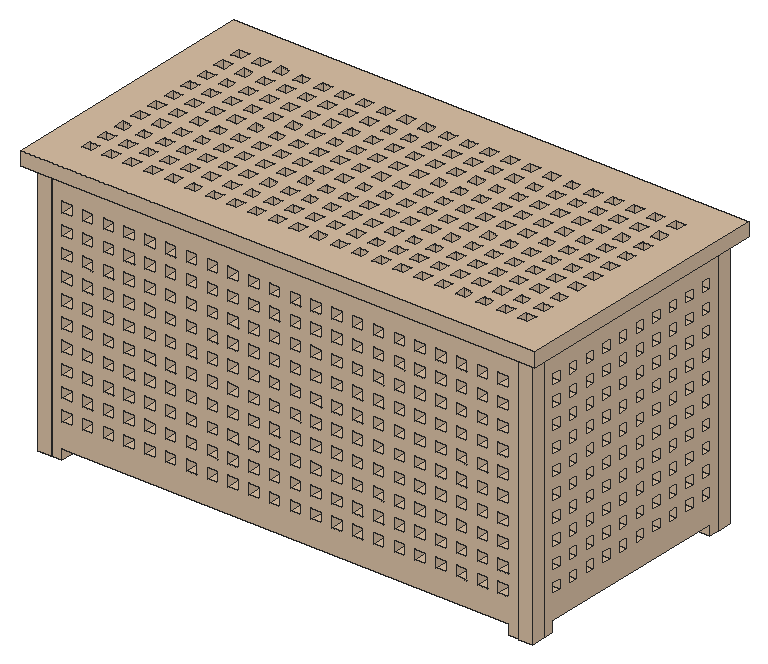
Revit family "071_Ikea_Hol_Storage_box_11242", category Мебель, Revit 2016
Family settings
  Номер OmniClass = 23.40.20.00
  Заголовок OmniClass = General Furniture and Specialties
  На основе рабочей плоскости = Нет
  Всегда вертикально = Да
  При загрузке вырезать с полостями = Нет
  Общий = Нет
  Точка расчета площади = Нет
Reference planes (in)
  plane 1 "Center Front/Back": y = 0
  plane 2: z = 0
  plane 3 "Center Left/Right": x = 0
Forms (in)
  Extrusion 1, solid, material "Wood - Iho Storage Birch"
    sketch origin (2.44877, 1.28346, 0) x (1, 0, 0) y (0, 1, 0)
      loop
        line (-20.99968, -10.88157) -> (16.17623, -10.88157) -> (16.17623, 8.34154) -> (-20.99968, 8.34154) -> (-20.99968, -10.88157)
    from 18.5 to 19.5
  Extrusion 2, void
    sketch origin (0, 0, 0) x (1, 0, 0) y (0, 1, 0)
      loop
        line (-16.125, 7.125) -> (-16.125, 6.375) -> (-15.375, 6.375) -> (-15.375, 7.125) -> (-16.125, 7.125)
    from 18.5 to 19.5
  Extrusion 3, void
    sketch origin (0, 0, 0) x (1, 0, 0) y (0, 1, 0)
      loop
        line (-16.125, 5.625) -> (-16.125, 4.875) -> (-15.375, 4.875) -> (-15.375, 5.625) -> (-16.125, 5.625)
      loop
        line (-16.125, 4.125) -> (-16.125, 3.375) -> (-15.375, 3.375) -> (-15.375, 4.125) -> (-16.125, 4.125)
      loop
        line (-16.125, 2.625) -> (-16.125, 1.875) -> (-15.375, 1.875) -> (-15.375, 2.625) -> (-16.125, 2.625)
      loop
        line (-16.125, 1.125) -> (-16.125, 0.375) -> (-15.375, 0.375) -> (-15.375, 1.125) -> (-16.125, 1.125)
      loop
        line (-16.125, -0.375) -> (-16.125, -1.125) -> (-15.375, -1.125) -> (-15.375, -0.375) -> (-16.125, -0.375)
      loop
        line (-16.125, -1.875) -> (-16.125, -2.625) -> (-15.375, -2.625) -> (-15.375, -1.875) -> (-16.125, -1.875)
      loop
        line (-16.125, -3.375) -> (-16.125, -4.125) -> (-15.375, -4.125) -> (-15.375, -3.375) -> (-16.125, -3.375)
      loop
        line (-16.125, -4.875) -> (-16.125, -5.625) -> (-15.375, -5.625) -> (-15.375, -4.875) -> (-16.125, -4.875)
      loop
        line (-16.125, -6.375) -> (-16.125, -7.125) -> (-15.375, -7.125) -> (-15.375, -6.375) -> (-16.125, -6.375)
      loop
        line (-14.625, 5.625) -> (-14.625, 4.875) -> (-13.875, 4.875) -> (-13.875, 5.625) -> (-14.625, 5.625)
      loop
        line (-14.625, 4.125) -> (-14.625, 3.375) -> (-13.875, 3.375) -> (-13.875, 4.125) -> (-14.625, 4.125)
      loop
        line (-14.625, 2.625) -> (-14.625, 1.875) -> (-13.875, 1.875) -> (-13.875, 2.625) -> (-14.625, 2.625)
      loop
        line (-14.625, 1.125) -> (-14.625, 0.375) -> (-13.875, 0.375) -> (-13.875, 1.125) -> (-14.625, 1.125)
      loop
        line (-14.625, -0.375) -> (-14.625, -1.125) -> (-13.875, -1.125) -> (-13.875, -0.375) -> (-14.625, -0.375)
      loop
        line (-14.625, -1.875) -> (-14.625, -2.625) -> (-13.875, -2.625) -> (-13.875, -1.875) -> (-14.625, -1.875)
      loop
        line (-14.625, -3.375) -> (-14.625, -4.125) -> (-13.875, -4.125) -> (-13.875, -3.375) -> (-14.625, -3.375)
      loop
        line (-14.625, -4.875) -> (-14.625, -5.625) -> (-13.875, -5.625) -> (-13.875, -4.875) -> (-14.625, -4.875)
      loop
        line (-14.625, -6.375) -> (-14.625, -7.125) -> (-13.875, -7.125) -> (-13.875, -6.375) -> (-14.625, -6.375)
      loop
        line (-13.125, 5.625) -> (-13.125, 4.875) -> (-12.375, 4.875) -> (-12.375, 5.625) -> (-13.125, 5.625)
      loop
        line (-13.125, 4.125) -> (-13.125, 3.375) -> (-12.375, 3.375) -> (-12.375, 4.125) -> (-13.125, 4.125)
      loop
        line (-13.125, 2.625) -> (-13.125, 1.875) -> (-12.375, 1.875) -> (-12.375, 2.625) -> (-13.125, 2.625)
      loop
        line (-13.125, 1.125) -> (-13.125, 0.375) -> (-12.375, 0.375) -> (-12.375, 1.125) -> (-13.125, 1.125)
      loop
        line (-13.125, -0.375) -> (-13.125, -1.125) -> (-12.375, -1.125) -> (-12.375, -0.375) -> (-13.125, -0.375)
      loop
        line (-13.125, -1.875) -> (-13.125, -2.625) -> (-12.375, -2.625) -> (-12.375, -1.875) -> (-13.125, -1.875)
      loop
        line (-13.125, -3.375) -> (-13.125, -4.125) -> (-12.375, -4.125) -> (-12.375, -3.375) -> (-13.125, -3.375)
      loop
        line (-13.125, -4.875) -> (-13.125, -5.625) -> (-12.375, -5.625) -> (-12.375, -4.875) -> (-13.125, -4.875)
      loop
        line (-13.125, -6.375) -> (-13.125, -7.125) -> (-12.375, -7.125) -> (-12.375, -6.375) -> (-13.125, -6.375)
      loop
        line (-14.625, 7.125) -> (-14.625, 6.375) -> (-13.875, 6.375) -> (-13.875, 7.125) -> (-14.625, 7.125)
      loop
        line (-13.125, 7.125) -> (-13.125, 6.375) -> (-12.375, 6.375) -> (-12.375, 7.125) -> (-13.125, 7.125)
      loop
        line (-11.625, 5.625) -> (-11.625, 4.875) -> (-10.875, 4.875) -> (-10.875, 5.625) -> (-11.625, 5.625)
      loop
        line (-11.625, 4.125) -> (-11.625, 3.375) -> (-10.875, 3.375) -> (-10.875, 4.125) -> (-11.625, 4.125)
      loop
        line (-11.625, 2.625) -> (-11.625, 1.875) -> (-10.875, 1.875) -> (-10.875, 2.625) -> (-11.625, 2.625)
      loop
        line (-11.625, 1.125) -> (-11.625, 0.375) -> (-10.875, 0.375) -> (-10.875, 1.125) -> (-11.625, 1.125)
      loop
        line (-11.625, -0.375) -> (-11.625, -1.125) -> (-10.875, -1.125) -> (-10.875, -0.375) -> (-11.625, -0.375)
      loop
        line (-11.625, -1.875) -> (-11.625, -2.625) -> (-10.875, -2.625) -> (-10.875, -1.875) -> (-11.625, -1.875)
      loop
        line (-11.625, -3.375) -> (-11.625, -4.125) -> (-10.875, -4.125) -> (-10.875, -3.375) -> (-11.625, -3.375)
      loop
        line (-11.625, -4.875) -> (-11.625, -5.625) -> (-10.875, -5.625) -> (-10.875, -4.875) -> (-11.625, -4.875)
      loop
        line (-11.625, -6.375) -> (-11.625, -7.125) -> (-10.875, -7.125) -> (-10.875, -6.375) -> (-11.625, -6.375)
      loop
        line (-10.125, 5.625) -> (-10.125, 4.875) -> (-9.375, 4.875) -> (-9.375, 5.625) -> (-10.125, 5.625)
      loop
        line (-10.125, 4.125) -> (-10.125, 3.375) -> (-9.375, 3.375) -> (-9.375, 4.125) -> (-10.125, 4.125)
      loop
        line (-10.125, 2.625) -> (-10.125, 1.875) -> (-9.375, 1.875) -> (-9.375, 2.625) -> (-10.125, 2.625)
      loop
        line (-10.125, 1.125) -> (-10.125, 0.375) -> (-9.375, 0.375) -> (-9.375, 1.125) -> (-10.125, 1.125)
      loop
        line (-10.125, -0.375) -> (-10.125, -1.125) -> (-9.375, -1.125) -> (-9.375, -0.375) -> (-10.125, -0.375)
      loop
        line (-10.125, -1.875) -> (-10.125, -2.625) -> (-9.375, -2.625) -> (-9.375, -1.875) -> (-10.125, -1.875)
      loop
        line (-10.125, -3.375) -> (-10.125, -4.125) -> (-9.375, -4.125) -> (-9.375, -3.375) -> (-10.125, -3.375)
      loop
        line (-10.125, -4.875) -> (-10.125, -5.625) -> (-9.375, -5.625) -> (-9.375, -4.875) -> (-10.125, -4.875)
      loop
        line (-10.125, -6.375) -> (-10.125, -7.125) -> (-9.375, -7.125) -> (-9.375, -6.375) -> (-10.125, -6.375)
      loop
        line (-11.625, 7.125) -> (-11.625, 6.375) -> (-10.875, 6.375) -> (-10.875, 7.125) -> (-11.625, 7.125)
      loop
        line (-10.125, 7.125) -> (-10.125, 6.375) -> (-9.375, 6.375) -> (-9.375, 7.125) -> (-10.125, 7.125)
      loop
        line (-8.625, 5.625) -> (-8.625, 4.875) -> (-7.875, 4.875) -> (-7.875, 5.625) -> (-8.625, 5.625)
      loop
        line (-8.625, 4.125) -> (-8.625, 3.375) -> (-7.875, 3.375) -> (-7.875, 4.125) -> (-8.625, 4.125)
      loop
        line (-8.625, 2.625) -> (-8.625, 1.875) -> (-7.875, 1.875) -> (-7.875, 2.625) -> (-8.625, 2.625)
      loop
        line (-8.625, 1.125) -> (-8.625, 0.375) -> (-7.875, 0.375) -> (-7.875, 1.125) -> (-8.625, 1.125)
      loop
        line (-8.625, -0.375) -> (-8.625, -1.125) -> (-7.875, -1.125) -> (-7.875, -0.375) -> (-8.625, -0.375)
      loop
        line (-8.625, -1.875) -> (-8.625, -2.625) -> (-7.875, -2.625) -> (-7.875, -1.875) -> (-8.625, -1.875)
      loop
        line (-8.625, -3.375) -> (-8.625, -4.125) -> (-7.875, -4.125) -> (-7.875, -3.375) -> (-8.625, -3.375)
      loop
        line (-8.625, -4.875) -> (-8.625, -5.625) -> (-7.875, -5.625) -> (-7.875, -4.875) -> (-8.625, -4.875)
      loop
        line (-8.625, -6.375) -> (-8.625, -7.125) -> (-7.875, -7.125) -> (-7.875, -6.375) -> (-8.625, -6.375)
      loop
        line (-7.125, 5.625) -> (-7.125, 4.875) -> (-6.375, 4.875) -> (-6.375, 5.625) -> (-7.125, 5.625)
      loop
        line (-7.125, 4.125) -> (-7.125, 3.375) -> (-6.375, 3.375) -> (-6.375, 4.125) -> (-7.125, 4.125)
      loop
        line (-7.125, 2.625) -> (-7.125, 1.875) -> (-6.375, 1.875) -> (-6.375, 2.625) -> (-7.125, 2.625)
      loop
        line (-7.125, 1.125) -> (-7.125, 0.375) -> (-6.375, 0.375) -> (-6.375, 1.125) -> (-7.125, 1.125)
      loop
        line (-7.125, -0.375) -> (-7.125, -1.125) -> (-6.375, -1.125) -> (-6.375, -0.375) -> (-7.125, -0.375)
      loop
        line (-7.125, -1.875) -> (-7.125, -2.625) -> (-6.375, -2.625) -> (-6.375, -1.875) -> (-7.125, -1.875)
      loop
        line (-7.125, -3.375) -> (-7.125, -4.125) -> (-6.375, -4.125) -> (-6.375, -3.375) -> (-7.125, -3.375)
      loop
        line (-7.125, -4.875) -> (-7.125, -5.625) -> (-6.375, -5.625) -> (-6.375, -4.875) -> (-7.125, -4.875)
      loop
        line (-7.125, -6.375) -> (-7.125, -7.125) -> (-6.375, -7.125) -> (-6.375, -6.375) -> (-7.125, -6.375)
      loop
        line (-8.625, 7.125) -> (-8.625, 6.375) -> (-7.875, 6.375) -> (-7.875, 7.125) -> (-8.625, 7.125)
      loop
        line (-7.125, 7.125) -> (-7.125, 6.375) -> (-6.375, 6.375) -> (-6.375, 7.125) -> (-7.125, 7.125)
      loop
        line (-5.625, 5.625) -> (-5.625, 4.875) -> (-4.875, 4.875) -> (-4.875, 5.625) -> (-5.625, 5.625)
      loop
        line (-5.625, 4.125) -> (-5.625, 3.375) -> (-4.875, 3.375) -> (-4.875, 4.125) -> (-5.625, 4.125)
      loop
        line (-5.625, 2.625) -> (-5.625, 1.875) -> (-4.875, 1.875) -> (-4.875, 2.625) -> (-5.625, 2.625)
      loop
        line (-5.625, 1.125) -> (-5.625, 0.375) -> (-4.875, 0.375) -> (-4.875, 1.125) -> (-5.625, 1.125)
      loop
        line (-5.625, -0.375) -> (-5.625, -1.125) -> (-4.875, -1.125) -> (-4.875, -0.375) -> (-5.625, -0.375)
      loop
        line (-5.625, -1.875) -> (-5.625, -2.625) -> (-4.875, -2.625) -> (-4.875, -1.875) -> (-5.625, -1.875)
      loop
        line (-5.625, -3.375) -> (-5.625, -4.125) -> (-4.875, -4.125) -> (-4.875, -3.375) -> (-5.625, -3.375)
      loop
        line (-5.625, -4.875) -> (-5.625, -5.625) -> (-4.875, -5.625) -> (-4.875, -4.875) -> (-5.625, -4.875)
      loop
        line (-5.625, -6.375) -> (-5.625, -7.125) -> (-4.875, -7.125) -> (-4.875, -6.375) -> (-5.625, -6.375)
      loop
        line (-4.125, 5.625) -> (-4.125, 4.875) -> (-3.375, 4.875) -> (-3.375, 5.625) -> (-4.125, 5.625)
      loop
        line (-4.125, 4.125) -> (-4.125, 3.375) -> (-3.375, 3.375) -> (-3.375, 4.125) -> (-4.125, 4.125)
      loop
        line (-4.125, 2.625) -> (-4.125, 1.875) -> (-3.375, 1.875) -> (-3.375, 2.625) -> (-4.125, 2.625)
      loop
        line (-4.125, 1.125) -> (-4.125, 0.375) -> (-3.375, 0.375) -> (-3.375, 1.125) -> (-4.125, 1.125)
      loop
        line (-4.125, -0.375) -> (-4.125, -1.125) -> (-3.375, -1.125) -> (-3.375, -0.375) -> (-4.125, -0.375)
      loop
        line (-4.125, -1.875) -> (-4.125, -2.625) -> (-3.375, -2.625) -> (-3.375, -1.875) -> (-4.125, -1.875)
      loop
        line (-4.125, -3.375) -> (-4.125, -4.125) -> (-3.375, -4.125) -> (-3.375, -3.375) -> (-4.125, -3.375)
      loop
        line (-4.125, -4.875) -> (-4.125, -5.625) -> (-3.375, -5.625) -> (-3.375, -4.875) -> (-4.125, -4.875)
      loop
        line (-4.125, -6.375) -> (-4.125, -7.125) -> (-3.375, -7.125) -> (-3.375, -6.375) -> (-4.125, -6.375)
      loop
        line (-5.625, 7.125) -> (-5.625, 6.375) -> (-4.875, 6.375) -> (-4.875, 7.125) -> (-5.625, 7.125)
      loop
        line (-4.125, 7.125) -> (-4.125, 6.375) -> (-3.375, 6.375) -> (-3.375, 7.125) -> (-4.125, 7.125)
      loop
        line (-2.625, 5.625) -> (-2.625, 4.875) -> (-1.875, 4.875) -> (-1.875, 5.625) -> (-2.625, 5.625)
      loop
        line (-2.625, 4.125) -> (-2.625, 3.375) -> (-1.875, 3.375) -> (-1.875, 4.125) -> (-2.625, 4.125)
      loop
        line (-2.625, 2.625) -> (-2.625, 1.875) -> (-1.875, 1.875) -> (-1.875, 2.625) -> (-2.625, 2.625)
      loop
        line (-2.625, 1.125) -> (-2.625, 0.375) -> (-1.875, 0.375) -> (-1.875, 1.125) -> (-2.625, 1.125)
      loop
        line (-2.625, -0.375) -> (-2.625, -1.125) -> (-1.875, -1.125) -> (-1.875, -0.375) -> (-2.625, -0.375)
      loop
        line (-2.625, -1.875) -> (-2.625, -2.625) -> (-1.875, -2.625) -> (-1.875, -1.875) -> (-2.625, -1.875)
      loop
        line (-2.625, -3.375) -> (-2.625, -4.125) -> (-1.875, -4.125) -> (-1.875, -3.375) -> (-2.625, -3.375)
      loop
        line (-2.625, -4.875) -> (-2.625, -5.625) -> (-1.875, -5.625) -> (-1.875, -4.875) -> (-2.625, -4.875)
      loop
        line (-2.625, -6.375) -> (-2.625, -7.125) -> (-1.875, -7.125) -> (-1.875, -6.375) -> (-2.625, -6.375)
      loop
        line (-1.125, 5.625) -> (-1.125, 4.875) -> (-0.375, 4.875) -> (-0.375, 5.625) -> (-1.125, 5.625)
      loop
        line (-1.125, 4.125) -> (-1.125, 3.375) -> (-0.375, 3.375) -> (-0.375, 4.125) -> (-1.125, 4.125)
      loop
        line (-1.125, 2.625) -> (-1.125, 1.875) -> (-0.375, 1.875) -> (-0.375, 2.625) -> (-1.125, 2.625)
      loop
        line (-1.125, 1.125) -> (-1.125, 0.375) -> (-0.375, 0.375) -> (-0.375, 1.125) -> (-1.125, 1.125)
      loop
        line (-1.125, -0.375) -> (-1.125, -1.125) -> (-0.375, -1.125) -> (-0.375, -0.375) -> (-1.125, -0.375)
      loop
        line (-1.125, -1.875) -> (-1.125, -2.625) -> (-0.375, -2.625) -> (-0.375, -1.875) -> (-1.125, -1.875)
      loop
        line (-1.125, -3.375) -> (-1.125, -4.125) -> (-0.375, -4.125) -> (-0.375, -3.375) -> (-1.125, -3.375)
      loop
        line (-1.125, -4.875) -> (-1.125, -5.625) -> (-0.375, -5.625) -> (-0.375, -4.875) -> (-1.125, -4.875)
      loop
        line (-1.125, -6.375) -> (-1.125, -7.125) -> (-0.375, -7.125) -> (-0.375, -6.375) -> (-1.125, -6.375)
      loop
        line (-2.625, 7.125) -> (-2.625, 6.375) -> (-1.875, 6.375) -> (-1.875, 7.125) -> (-2.625, 7.125)
      loop
        line (-1.125, 7.125) -> (-1.125, 6.375) -> (-0.375, 6.375) -> (-0.375, 7.125) -> (-1.125, 7.125)
      loop
        line (0.375, 5.625) -> (0.375, 4.875) -> (1.125, 4.875) -> (1.125, 5.625) -> (0.375, 5.625)
      loop
        line (0.375, 4.125) -> (0.375, 3.375) -> (1.125, 3.375) -> (1.125, 4.125) -> (0.375, 4.125)
      loop
        line (0.375, 2.625) -> (0.375, 1.875) -> (1.125, 1.875) -> (1.125, 2.625) -> (0.375, 2.625)
      loop
        line (0.375, 1.125) -> (0.375, 0.375) -> (1.125, 0.375) -> (1.125, 1.125) -> (0.375, 1.125)
      loop
        line (0.375, -0.375) -> (0.375, -1.125) -> (1.125, -1.125) -> (1.125, -0.375) -> (0.375, -0.375)
      loop
        line (0.375, -1.875) -> (0.375, -2.625) -> (1.125, -2.625) -> (1.125, -1.875) -> (0.375, -1.875)
      loop
        line (0.375, -3.375) -> (0.375, -4.125) -> (1.125, -4.125) -> (1.125, -3.375) -> (0.375, -3.375)
      loop
        line (0.375, -4.875) -> (0.375, -5.625) -> (1.125, -5.625) -> (1.125, -4.875) -> (0.375, -4.875)
      loop
        line (0.375, -6.375) -> (0.375, -7.125) -> (1.125, -7.125) -> (1.125, -6.375) -> (0.375, -6.375)
      loop
        line (1.875, 5.625) -> (1.875, 4.875) -> (2.625, 4.875) -> (2.625, 5.625) -> (1.875, 5.625)
      loop
        line (1.875, 4.125) -> (1.875, 3.375) -> (2.625, 3.375) -> (2.625, 4.125) -> (1.875, 4.125)
      loop
        line (1.875, 2.625) -> (1.875, 1.875) -> (2.625, 1.875) -> (2.625, 2.625) -> (1.875, 2.625)
      loop
        line (1.875, 1.125) -> (1.875, 0.375) -> (2.625, 0.375) -> (2.625, 1.125) -> (1.875, 1.125)
      loop
        line (1.875, -0.375) -> (1.875, -1.125) -> (2.625, -1.125) -> (2.625, -0.375) -> (1.875, -0.375)
      loop
        line (1.875, -1.875) -> (1.875, -2.625) -> (2.625, -2.625) -> (2.625, -1.875) -> (1.875, -1.875)
      loop
        line (1.875, -3.375) -> (1.875, -4.125) -> (2.625, -4.125) -> (2.625, -3.375) -> (1.875, -3.375)
      loop
        line (1.875, -4.875) -> (1.875, -5.625) -> (2.625, -5.625) -> (2.625, -4.875) -> (1.875, -4.875)
      loop
        line (1.875, -6.375) -> (1.875, -7.125) -> (2.625, -7.125) -> (2.625, -6.375) -> (1.875, -6.375)
      loop
        line (0.375, 7.125) -> (0.375, 6.375) -> (1.125, 6.375) -> (1.125, 7.125) -> (0.375, 7.125)
      loop
        line (1.875, 7.125) -> (1.875, 6.375) -> (2.625, 6.375) -> (2.625, 7.125) -> (1.875, 7.125)
      loop
        line (3.375, 5.625) -> (3.375, 4.875) -> (4.125, 4.875) -> (4.125, 5.625) -> (3.375, 5.625)
      loop
        line (3.375, 4.125) -> (3.375, 3.375) -> (4.125, 3.375) -> (4.125, 4.125) -> (3.375, 4.125)
      loop
        line (3.375, 2.625) -> (3.375, 1.875) -> (4.125, 1.875) -> (4.125, 2.625) -> (3.375, 2.625)
      loop
        line (3.375, 1.125) -> (3.375, 0.375) -> (4.125, 0.375) -> (4.125, 1.125) -> (3.375, 1.125)
      loop
        line (3.375, -0.375) -> (3.375, -1.125) -> (4.125, -1.125) -> (4.125, -0.375) -> (3.375, -0.375)
      loop
        line (3.375, -1.875) -> (3.375, -2.625) -> (4.125, -2.625) -> (4.125, -1.875) -> (3.375, -1.875)
      loop
        line (3.375, -3.375) -> (3.375, -4.125) -> (4.125, -4.125) -> (4.125, -3.375) -> (3.375, -3.375)
      loop
        line (3.375, -4.875) -> (3.375, -5.625) -> (4.125, -5.625) -> (4.125, -4.875) -> (3.375, -4.875)
      loop
        line (3.375, -6.375) -> (3.375, -7.125) -> (4.125, -7.125) -> (4.125, -6.375) -> (3.375, -6.375)
      loop
        line (4.875, 5.625) -> (4.875, 4.875) -> (5.625, 4.875) -> (5.625, 5.625) -> (4.875, 5.625)
      loop
        line (4.875, 4.125) -> (4.875, 3.375) -> (5.625, 3.375) -> (5.625, 4.125) -> (4.875, 4.125)
      loop
        line (4.875, 2.625) -> (4.875, 1.875) -> (5.625, 1.875) -> (5.625, 2.625) -> (4.875, 2.625)
      loop
        line (4.875, 1.125) -> (4.875, 0.375) -> (5.625, 0.375) -> (5.625, 1.125) -> (4.875, 1.125)
      loop
        line (4.875, -0.375) -> (4.875, -1.125) -> (5.625, -1.125) -> (5.625, -0.375) -> (4.875, -0.375)
      loop
        line (4.875, -1.875) -> (4.875, -2.625) -> (5.625, -2.625) -> (5.625, -1.875) -> (4.875, -1.875)
      loop
        line (4.875, -3.375) -> (4.875, -4.125) -> (5.625, -4.125) -> (5.625, -3.375) -> (4.875, -3.375)
      loop
        line (4.875, -4.875) -> (4.875, -5.625) -> (5.625, -5.625) -> (5.625, -4.875) -> (4.875, -4.875)
      loop
        line (4.875, -6.375) -> (4.875, -7.125) -> (5.625, -7.125) -> (5.625, -6.375) -> (4.875, -6.375)
      loop
        line (3.375, 7.125) -> (3.375, 6.375) -> (4.125, 6.375) -> (4.125, 7.125) -> (3.375, 7.125)
      loop
        line (4.875, 7.125) -> (4.875, 6.375) -> (5.625, 6.375) -> (5.625, 7.125) -> (4.875, 7.125)
      loop
        line (6.375, 5.625) -> (6.375, 4.875) -> (7.125, 4.875) -> (7.125, 5.625) -> (6.375, 5.625)
      loop
        line (6.375, 4.125) -> (6.375, 3.375) -> (7.125, 3.375) -> (7.125, 4.125) -> (6.375, 4.125)
      loop
        line (6.375, 2.625) -> (6.375, 1.875) -> (7.125, 1.875) -> (7.125, 2.625) -> (6.375, 2.625)
      loop
        line (6.375, 1.125) -> (6.375, 0.375) -> (7.125, 0.375) -> (7.125, 1.125) -> (6.375, 1.125)
      loop
        line (6.375, -0.375) -> (6.375, -1.125) -> (7.125, -1.125) -> (7.125, -0.375) -> (6.375, -0.375)
      loop
        line (6.375, -1.875) -> (6.375, -2.625) -> (7.125, -2.625) -> (7.125, -1.875) -> (6.375, -1.875)
      loop
        line (6.375, -3.375) -> (6.375, -4.125) -> (7.125, -4.125) -> (7.125, -3.375) -> (6.375, -3.375)
      loop
        line (6.375, -4.875) -> (6.375, -5.625) -> (7.125, -5.625) -> (7.125, -4.875) -> (6.375, -4.875)
      loop
        line (6.375, -6.375) -> (6.375, -7.125) -> (7.125, -7.125) -> (7.125, -6.375) -> (6.375, -6.375)
      loop
        line (7.875, 5.625) -> (7.875, 4.875) -> (8.625, 4.875) -> (8.625, 5.625) -> (7.875, 5.625)
      loop
        line (7.875, 4.125) -> (7.875, 3.375) -> (8.625, 3.375) -> (8.625, 4.125) -> (7.875, 4.125)
      loop
        line (7.875, 2.625) -> (7.875, 1.875) -> (8.625, 1.875) -> (8.625, 2.625) -> (7.875, 2.625)
      loop
        line (7.875, 1.125) -> (7.875, 0.375) -> (8.625, 0.375) -> (8.625, 1.125) -> (7.875, 1.125)
      loop
        line (7.875, -0.375) -> (7.875, -1.125) -> (8.625, -1.125) -> (8.625, -0.375) -> (7.875, -0.375)
      loop
        line (7.875, -1.875) -> (7.875, -2.625) -> (8.625, -2.625) -> (8.625, -1.875) -> (7.875, -1.875)
      loop
        line (7.875, -3.375) -> (7.875, -4.125) -> (8.625, -4.125) -> (8.625, -3.375) -> (7.875, -3.375)
      loop
        line (7.875, -4.875) -> (7.875, -5.625) -> (8.625, -5.625) -> (8.625, -4.875) -> (7.875, -4.875)
      loop
        line (7.875, -6.375) -> (7.875, -7.125) -> (8.625, -7.125) -> (8.625, -6.375) -> (7.875, -6.375)
      loop
        line (6.375, 7.125) -> (6.375, 6.375) -> (7.125, 6.375) -> (7.125, 7.125) -> (6.375, 7.125)
      loop
        line (7.875, 7.125) -> (7.875, 6.375) -> (8.625, 6.375) -> (8.625, 7.125) -> (7.875, 7.125)
      loop
        line (9.375, 5.625) -> (9.375, 4.875) -> (10.125, 4.875) -> (10.125, 5.625) -> (9.375, 5.625)
      loop
        line (9.375, 4.125) -> (9.375, 3.375) -> (10.125, 3.375) -> (10.125, 4.125) -> (9.375, 4.125)
      loop
        line (9.375, 2.625) -> (9.375, 1.875) -> (10.125, 1.875) -> (10.125, 2.625) -> (9.375, 2.625)
      loop
        line (9.375, 1.125) -> (9.375, 0.375) -> (10.125, 0.375) -> (10.125, 1.125) -> (9.375, 1.125)
      loop
        line (9.375, -0.375) -> (9.375, -1.125) -> (10.125, -1.125) -> (10.125, -0.375) -> (9.375, -0.375)
      loop
        line (9.375, -1.875) -> (9.375, -2.625) -> (10.125, -2.625) -> (10.125, -1.875) -> (9.375, -1.875)
      loop
        line (9.375, -3.375) -> (9.375, -4.125) -> (10.125, -4.125) -> (10.125, -3.375) -> (9.375, -3.375)
      loop
        line (9.375, -4.875) -> (9.375, -5.625) -> (10.125, -5.625) -> (10.125, -4.875) -> (9.375, -4.875)
      loop
        line (9.375, -6.375) -> (9.375, -7.125) -> (10.125, -7.125) -> (10.125, -6.375) -> (9.375, -6.375)
      loop
        line (10.875, 5.625) -> (10.875, 4.875) -> (11.625, 4.875) -> (11.625, 5.625) -> (10.875, 5.625)
      loop
        line (10.875, 4.125) -> (10.875, 3.375) -> (11.625, 3.375) -> (11.625, 4.125) -> (10.875, 4.125)
      loop
        line (10.875, 2.625) -> (10.875, 1.875) -> (11.625, 1.875) -> (11.625, 2.625) -> (10.875, 2.625)
      loop
        line (10.875, 1.125) -> (10.875, 0.375) -> (11.625, 0.375) -> (11.625, 1.125) -> (10.875, 1.125)
      loop
        line (10.875, -0.375) -> (10.875, -1.125) -> (11.625, -1.125) -> (11.625, -0.375) -> (10.875, -0.375)
      loop
        line (10.875, -1.875) -> (10.875, -2.625) -> (11.625, -2.625) -> (11.625, -1.875) -> (10.875, -1.875)
      loop
        line (10.875, -3.375) -> (10.875, -4.125) -> (11.625, -4.125) -> (11.625, -3.375) -> (10.875, -3.375)
      loop
        line (10.875, -4.875) -> (10.875, -5.625) -> (11.625, -5.625) -> (11.625, -4.875) -> (10.875, -4.875)
      loop
        line (10.875, -6.375) -> (10.875, -7.125) -> (11.625, -7.125) -> (11.625, -6.375) -> (10.875, -6.375)
      loop
        line (9.375, 7.125) -> (9.375, 6.375) -> (10.125, 6.375) -> (10.125, 7.125) -> (9.375, 7.125)
      loop
        line (10.875, 7.125) -> (10.875, 6.375) -> (11.625, 6.375) -> (11.625, 7.125) -> (10.875, 7.125)
      loop
        line (12.375, 5.625) -> (12.375, 4.875) -> (13.125, 4.875) -> (13.125, 5.625) -> (12.375, 5.625)
      loop
        line (12.375, 4.125) -> (12.375, 3.375) -> (13.125, 3.375) -> (13.125, 4.125) -> (12.375, 4.125)
      loop
        line (12.375, 2.625) -> (12.375, 1.875) -> (13.125, 1.875) -> (13.125, 2.625) -> (12.375, 2.625)
      loop
        line (12.375, 1.125) -> (12.375, 0.375) -> (13.125, 0.375) -> (13.125, 1.125) -> (12.375, 1.125)
      loop
        line (12.375, -0.375) -> (12.375, -1.125) -> (13.125, -1.125) -> (13.125, -0.375) -> (12.375, -0.375)
      loop
        line (12.375, -1.875) -> (12.375, -2.625) -> (13.125, -2.625) -> (13.125, -1.875) -> (12.375, -1.875)
      loop
        line (12.375, -3.375) -> (12.375, -4.125) -> (13.125, -4.125) -> (13.125, -3.375) -> (12.375, -3.375)
      loop
        line (12.375, -4.875) -> (12.375, -5.625) -> (13.125, -5.625) -> (13.125, -4.875) -> (12.375, -4.875)
      loop
        line (12.375, -6.375) -> (12.375, -7.125) -> (13.125, -7.125) -> (13.125, -6.375) -> (12.375, -6.375)
      loop
        line (13.875, 5.625) -> (13.875, 4.875) -> (14.625, 4.875) -> (14.625, 5.625) -> (13.875, 5.625)
      loop
        line (13.875, 4.125) -> (13.875, 3.375) -> (14.625, 3.375) -> (14.625, 4.125) -> (13.875, 4.125)
      loop
        line (13.875, 2.625) -> (13.875, 1.875) -> (14.625, 1.875) -> (14.625, 2.625) -> (13.875, 2.625)
      loop
        line (13.875, 1.125) -> (13.875, 0.375) -> (14.625, 0.375) -> (14.625, 1.125) -> (13.875, 1.125)
      loop
        line (13.875, -0.375) -> (13.875, -1.125) -> (14.625, -1.125) -> (14.625, -0.375) -> (13.875, -0.375)
      loop
        line (13.875, -1.875) -> (13.875, -2.625) -> (14.625, -2.625) -> (14.625, -1.875) -> (13.875, -1.875)
      loop
        line (13.875, -3.375) -> (13.875, -4.125) -> (14.625, -4.125) -> (14.625, -3.375) -> (13.875, -3.375)
      loop
        line (13.875, -4.875) -> (13.875, -5.625) -> (14.625, -5.625) -> (14.625, -4.875) -> (13.875, -4.875)
      loop
        line (13.875, -6.375) -> (13.875, -7.125) -> (14.625, -7.125) -> (14.625, -6.375) -> (13.875, -6.375)
      loop
        line (12.375, 7.125) -> (12.375, 6.375) -> (13.125, 6.375) -> (13.125, 7.125) -> (12.375, 7.125)
      loop
        line (13.875, 7.125) -> (13.875, 6.375) -> (14.625, 6.375) -> (14.625, 7.125) -> (13.875, 7.125)
      loop
        line (15.375, 5.625) -> (15.375, 4.875) -> (16.125, 4.875) -> (16.125, 5.625) -> (15.375, 5.625)
      loop
        line (15.375, 4.125) -> (15.375, 3.375) -> (16.125, 3.375) -> (16.125, 4.125) -> (15.375, 4.125)
      loop
        line (15.375, 2.625) -> (15.375, 1.875) -> (16.125, 1.875) -> (16.125, 2.625) -> (15.375, 2.625)
      loop
        line (15.375, 1.125) -> (15.375, 0.375) -> (16.125, 0.375) -> (16.125, 1.125) -> (15.375, 1.125)
      loop
        line (15.375, -0.375) -> (15.375, -1.125) -> (16.125, -1.125) -> (16.125, -0.375) -> (15.375, -0.375)
      loop
        line (15.375, -1.875) -> (15.375, -2.625) -> (16.125, -2.625) -> (16.125, -1.875) -> (15.375, -1.875)
      loop
        line (15.375, -3.375) -> (15.375, -4.125) -> (16.125, -4.125) -> (16.125, -3.375) -> (15.375, -3.375)
      loop
        line (15.375, -4.875) -> (15.375, -5.625) -> (16.125, -5.625) -> (16.125, -4.875) -> (15.375, -4.875)
      loop
        line (15.375, -6.375) -> (15.375, -7.125) -> (16.125, -7.125) -> (16.125, -6.375) -> (15.375, -6.375)
      loop
        line (15.375, 7.125) -> (15.375, 6.375) -> (16.125, 6.375) -> (16.125, 7.125) -> (15.375, 7.125)
    from 18.5 to 19.5
  Extrusion 4, solid, material "Wood - Iho Storage Birch"
    sketch origin (0, 24.875, 0) x (0, 1, 0) y (0, 0, 1)
      loop
        line (-16, 0) -> (-16, 18.5) -> (-33.75, 18.5) -> (-33.75, 0) -> (-16, 0)
    from 16.875 to 17.875
  Extrusion 5, void
    sketch origin (0, 24.875, 0) x (0, 1, 0) y (0, 0, 1)
      loop
        line (-17.75, 16.75) -> (-18.5, 16.75) -> (-18.5, 16) -> (-17.75, 16) -> (-17.75, 16.75)
      loop
        line (-17.75, 15.25) -> (-18.5, 15.25) -> (-18.5, 14.5) -> (-17.75, 14.5) -> (-17.75, 15.25)
      loop
        line (-17.75, 13.75) -> (-18.5, 13.75) -> (-18.5, 13) -> (-17.75, 13) -> (-17.75, 13.75)
      loop
        line (-17.75, 12.25) -> (-18.5, 12.25) -> (-18.5, 11.5) -> (-17.75, 11.5) -> (-17.75, 12.25)
      loop
        line (-17.75, 10.75) -> (-18.5, 10.75) -> (-18.5, 10) -> (-17.75, 10) -> (-17.75, 10.75)
      loop
        line (-17.75, 9.25) -> (-18.5, 9.25) -> (-18.5, 8.5) -> (-17.75, 8.5) -> (-17.75, 9.25)
      loop
        line (-17.75, 7.75) -> (-18.5, 7.75) -> (-18.5, 7) -> (-17.75, 7) -> (-17.75, 7.75)
      loop
        line (-17.75, 6.25) -> (-18.5, 6.25) -> (-18.5, 5.5) -> (-17.75, 5.5) -> (-17.75, 6.25)
      loop
        line (-17.75, 4.75) -> (-18.5, 4.75) -> (-18.5, 4) -> (-17.75, 4) -> (-17.75, 4.75)
      loop
        line (-17.75, 3.25) -> (-18.5, 3.25) -> (-18.5, 2.5) -> (-17.75, 2.5) -> (-17.75, 3.25)
      loop
        line (-19.25, 16.75) -> (-20, 16.75) -> (-20, 16) -> (-19.25, 16) -> (-19.25, 16.75)
      loop
        line (-19.25, 15.25) -> (-20, 15.25) -> (-20, 14.5) -> (-19.25, 14.5) -> (-19.25, 15.25)
      loop
        line (-19.25, 13.75) -> (-20, 13.75) -> (-20, 13) -> (-19.25, 13) -> (-19.25, 13.75)
      loop
        line (-19.25, 12.25) -> (-20, 12.25) -> (-20, 11.5) -> (-19.25, 11.5) -> (-19.25, 12.25)
      loop
        line (-19.25, 10.75) -> (-20, 10.75) -> (-20, 10) -> (-19.25, 10) -> (-19.25, 10.75)
      loop
        line (-19.25, 9.25) -> (-20, 9.25) -> (-20, 8.5) -> (-19.25, 8.5) -> (-19.25, 9.25)
      loop
        line (-19.25, 7.75) -> (-20, 7.75) -> (-20, 7) -> (-19.25, 7) -> (-19.25, 7.75)
      loop
        line (-19.25, 6.25) -> (-20, 6.25) -> (-20, 5.5) -> (-19.25, 5.5) -> (-19.25, 6.25)
      loop
        line (-19.25, 4.75) -> (-20, 4.75) -> (-20, 4) -> (-19.25, 4) -> (-19.25, 4.75)
      loop
        line (-19.25, 3.25) -> (-20, 3.25) -> (-20, 2.5) -> (-19.25, 2.5) -> (-19.25, 3.25)
      loop
        line (-20.75, 16.75) -> (-21.5, 16.75) -> (-21.5, 16) -> (-20.75, 16) -> (-20.75, 16.75)
      loop
        line (-20.75, 15.25) -> (-21.5, 15.25) -> (-21.5, 14.5) -> (-20.75, 14.5) -> (-20.75, 15.25)
      loop
        line (-20.75, 13.75) -> (-21.5, 13.75) -> (-21.5, 13) -> (-20.75, 13) -> (-20.75, 13.75)
      loop
        line (-20.75, 12.25) -> (-21.5, 12.25) -> (-21.5, 11.5) -> (-20.75, 11.5) -> (-20.75, 12.25)
      loop
        line (-20.75, 10.75) -> (-21.5, 10.75) -> (-21.5, 10) -> (-20.75, 10) -> (-20.75, 10.75)
      loop
        line (-20.75, 9.25) -> (-21.5, 9.25) -> (-21.5, 8.5) -> (-20.75, 8.5) -> (-20.75, 9.25)
      loop
        line (-20.75, 7.75) -> (-21.5, 7.75) -> (-21.5, 7) -> (-20.75, 7) -> (-20.75, 7.75)
      loop
        line (-20.75, 6.25) -> (-21.5, 6.25) -> (-21.5, 5.5) -> (-20.75, 5.5) -> (-20.75, 6.25)
      loop
        line (-20.75, 4.75) -> (-21.5, 4.75) -> (-21.5, 4) -> (-20.75, 4) -> (-20.75, 4.75)
      loop
        line (-20.75, 3.25) -> (-21.5, 3.25) -> (-21.5, 2.5) -> (-20.75, 2.5) -> (-20.75, 3.25)
      loop
        line (-22.25, 16.75) -> (-23, 16.75) -> (-23, 16) -> (-22.25, 16) -> (-22.25, 16.75)
      loop
        line (-22.25, 15.25) -> (-23, 15.25) -> (-23, 14.5) -> (-22.25, 14.5) -> (-22.25, 15.25)
      loop
        line (-22.25, 13.75) -> (-23, 13.75) -> (-23, 13) -> (-22.25, 13) -> (-22.25, 13.75)
      loop
        line (-22.25, 12.25) -> (-23, 12.25) -> (-23, 11.5) -> (-22.25, 11.5) -> (-22.25, 12.25)
      loop
        line (-22.25, 10.75) -> (-23, 10.75) -> (-23, 10) -> (-22.25, 10) -> (-22.25, 10.75)
      loop
        line (-22.25, 9.25) -> (-23, 9.25) -> (-23, 8.5) -> (-22.25, 8.5) -> (-22.25, 9.25)
      loop
        line (-22.25, 7.75) -> (-23, 7.75) -> (-23, 7) -> (-22.25, 7) -> (-22.25, 7.75)
      loop
        line (-22.25, 6.25) -> (-23, 6.25) -> (-23, 5.5) -> (-22.25, 5.5) -> (-22.25, 6.25)
      loop
        line (-22.25, 4.75) -> (-23, 4.75) -> (-23, 4) -> (-22.25, 4) -> (-22.25, 4.75)
      loop
        line (-22.25, 3.25) -> (-23, 3.25) -> (-23, 2.5) -> (-22.25, 2.5) -> (-22.25, 3.25)
      loop
        line (-23.75, 16.75) -> (-24.5, 16.75) -> (-24.5, 16) -> (-23.75, 16) -> (-23.75, 16.75)
      loop
        line (-23.75, 15.25) -> (-24.5, 15.25) -> (-24.5, 14.5) -> (-23.75, 14.5) -> (-23.75, 15.25)
      loop
        line (-23.75, 13.75) -> (-24.5, 13.75) -> (-24.5, 13) -> (-23.75, 13) -> (-23.75, 13.75)
      loop
        line (-23.75, 12.25) -> (-24.5, 12.25) -> (-24.5, 11.5) -> (-23.75, 11.5) -> (-23.75, 12.25)
      loop
        line (-23.75, 10.75) -> (-24.5, 10.75) -> (-24.5, 10) -> (-23.75, 10) -> (-23.75, 10.75)
      loop
        line (-23.75, 9.25) -> (-24.5, 9.25) -> (-24.5, 8.5) -> (-23.75, 8.5) -> (-23.75, 9.25)
      loop
        line (-23.75, 7.75) -> (-24.5, 7.75) -> (-24.5, 7) -> (-23.75, 7) -> (-23.75, 7.75)
      loop
        line (-23.75, 6.25) -> (-24.5, 6.25) -> (-24.5, 5.5) -> (-23.75, 5.5) -> (-23.75, 6.25)
      loop
        line (-23.75, 4.75) -> (-24.5, 4.75) -> (-24.5, 4) -> (-23.75, 4) -> (-23.75, 4.75)
      loop
        line (-23.75, 3.25) -> (-24.5, 3.25) -> (-24.5, 2.5) -> (-23.75, 2.5) -> (-23.75, 3.25)
      loop
        line (-25.25, 16.75) -> (-26, 16.75) -> (-26, 16) -> (-25.25, 16) -> (-25.25, 16.75)
      loop
        line (-25.25, 15.25) -> (-26, 15.25) -> (-26, 14.5) -> (-25.25, 14.5) -> (-25.25, 15.25)
      loop
        line (-25.25, 13.75) -> (-26, 13.75) -> (-26, 13) -> (-25.25, 13) -> (-25.25, 13.75)
      loop
        line (-25.25, 12.25) -> (-26, 12.25) -> (-26, 11.5) -> (-25.25, 11.5) -> (-25.25, 12.25)
      loop
        line (-25.25, 10.75) -> (-26, 10.75) -> (-26, 10) -> (-25.25, 10) -> (-25.25, 10.75)
      loop
        line (-25.25, 9.25) -> (-26, 9.25) -> (-26, 8.5) -> (-25.25, 8.5) -> (-25.25, 9.25)
      loop
        line (-25.25, 7.75) -> (-26, 7.75) -> (-26, 7) -> (-25.25, 7) -> (-25.25, 7.75)
      loop
        line (-25.25, 6.25) -> (-26, 6.25) -> (-26, 5.5) -> (-25.25, 5.5) -> (-25.25, 6.25)
      loop
        line (-25.25, 4.75) -> (-26, 4.75) -> (-26, 4) -> (-25.25, 4) -> (-25.25, 4.75)
      loop
        line (-25.25, 3.25) -> (-26, 3.25) -> (-26, 2.5) -> (-25.25, 2.5) -> (-25.25, 3.25)
      loop
        line (-26.75, 16.75) -> (-27.5, 16.75) -> (-27.5, 16) -> (-26.75, 16) -> (-26.75, 16.75)
      loop
        line (-26.75, 15.25) -> (-27.5, 15.25) -> (-27.5, 14.5) -> (-26.75, 14.5) -> (-26.75, 15.25)
      loop
        line (-26.75, 13.75) -> (-27.5, 13.75) -> (-27.5, 13) -> (-26.75, 13) -> (-26.75, 13.75)
      loop
        line (-26.75, 12.25) -> (-27.5, 12.25) -> (-27.5, 11.5) -> (-26.75, 11.5) -> (-26.75, 12.25)
      loop
        line (-26.75, 10.75) -> (-27.5, 10.75) -> (-27.5, 10) -> (-26.75, 10) -> (-26.75, 10.75)
      loop
        line (-26.75, 9.25) -> (-27.5, 9.25) -> (-27.5, 8.5) -> (-26.75, 8.5) -> (-26.75, 9.25)
      loop
        line (-26.75, 7.75) -> (-27.5, 7.75) -> (-27.5, 7) -> (-26.75, 7) -> (-26.75, 7.75)
      loop
        line (-26.75, 6.25) -> (-27.5, 6.25) -> (-27.5, 5.5) -> (-26.75, 5.5) -> (-26.75, 6.25)
      loop
        line (-26.75, 4.75) -> (-27.5, 4.75) -> (-27.5, 4) -> (-26.75, 4) -> (-26.75, 4.75)
      loop
        line (-26.75, 3.25) -> (-27.5, 3.25) -> (-27.5, 2.5) -> (-26.75, 2.5) -> (-26.75, 3.25)
      loop
        line (-28.25, 16.75) -> (-29, 16.75) -> (-29, 16) -> (-28.25, 16) -> (-28.25, 16.75)
      loop
        line (-28.25, 15.25) -> (-29, 15.25) -> (-29, 14.5) -> (-28.25, 14.5) -> (-28.25, 15.25)
      loop
        line (-28.25, 13.75) -> (-29, 13.75) -> (-29, 13) -> (-28.25, 13) -> (-28.25, 13.75)
      loop
        line (-28.25, 12.25) -> (-29, 12.25) -> (-29, 11.5) -> (-28.25, 11.5) -> (-28.25, 12.25)
      loop
        line (-28.25, 10.75) -> (-29, 10.75) -> (-29, 10) -> (-28.25, 10) -> (-28.25, 10.75)
      loop
        line (-28.25, 9.25) -> (-29, 9.25) -> (-29, 8.5) -> (-28.25, 8.5) -> (-28.25, 9.25)
      loop
        line (-28.25, 7.75) -> (-29, 7.75) -> (-29, 7) -> (-28.25, 7) -> (-28.25, 7.75)
      loop
        line (-28.25, 6.25) -> (-29, 6.25) -> (-29, 5.5) -> (-28.25, 5.5) -> (-28.25, 6.25)
      loop
        line (-28.25, 4.75) -> (-29, 4.75) -> (-29, 4) -> (-28.25, 4) -> (-28.25, 4.75)
      loop
        line (-28.25, 3.25) -> (-29, 3.25) -> (-29, 2.5) -> (-28.25, 2.5) -> (-28.25, 3.25)
      loop
        line (-29.75, 16.75) -> (-30.5, 16.75) -> (-30.5, 16) -> (-29.75, 16) -> (-29.75, 16.75)
      loop
        line (-29.75, 15.25) -> (-30.5, 15.25) -> (-30.5, 14.5) -> (-29.75, 14.5) -> (-29.75, 15.25)
      loop
        line (-29.75, 13.75) -> (-30.5, 13.75) -> (-30.5, 13) -> (-29.75, 13) -> (-29.75, 13.75)
      loop
        line (-29.75, 12.25) -> (-30.5, 12.25) -> (-30.5, 11.5) -> (-29.75, 11.5) -> (-29.75, 12.25)
      loop
        line (-29.75, 10.75) -> (-30.5, 10.75) -> (-30.5, 10) -> (-29.75, 10) -> (-29.75, 10.75)
      loop
        line (-29.75, 9.25) -> (-30.5, 9.25) -> (-30.5, 8.5) -> (-29.75, 8.5) -> (-29.75, 9.25)
      loop
        line (-29.75, 7.75) -> (-30.5, 7.75) -> (-30.5, 7) -> (-29.75, 7) -> (-29.75, 7.75)
      loop
        line (-29.75, 6.25) -> (-30.5, 6.25) -> (-30.5, 5.5) -> (-29.75, 5.5) -> (-29.75, 6.25)
      loop
        line (-29.75, 4.75) -> (-30.5, 4.75) -> (-30.5, 4) -> (-29.75, 4) -> (-29.75, 4.75)
      loop
        line (-29.75, 3.25) -> (-30.5, 3.25) -> (-30.5, 2.5) -> (-29.75, 2.5) -> (-29.75, 3.25)
      loop
        line (-31.25, 16.75) -> (-32, 16.75) -> (-32, 16) -> (-31.25, 16) -> (-31.25, 16.75)
      loop
        line (-31.25, 15.25) -> (-32, 15.25) -> (-32, 14.5) -> (-31.25, 14.5) -> (-31.25, 15.25)
      loop
        line (-31.25, 13.75) -> (-32, 13.75) -> (-32, 13) -> (-31.25, 13) -> (-31.25, 13.75)
      loop
        line (-31.25, 12.25) -> (-32, 12.25) -> (-32, 11.5) -> (-31.25, 11.5) -> (-31.25, 12.25)
      loop
        line (-31.25, 10.75) -> (-32, 10.75) -> (-32, 10) -> (-31.25, 10) -> (-31.25, 10.75)
      loop
        line (-31.25, 9.25) -> (-32, 9.25) -> (-32, 8.5) -> (-31.25, 8.5) -> (-31.25, 9.25)
      loop
        line (-31.25, 7.75) -> (-32, 7.75) -> (-32, 7) -> (-31.25, 7) -> (-31.25, 7.75)
      loop
        line (-31.25, 6.25) -> (-32, 6.25) -> (-32, 5.5) -> (-31.25, 5.5) -> (-31.25, 6.25)
      loop
        line (-31.25, 4.75) -> (-32, 4.75) -> (-32, 4) -> (-31.25, 4) -> (-31.25, 4.75)
      loop
        line (-31.25, 3.25) -> (-32, 3.25) -> (-32, 2.5) -> (-31.25, 2.5) -> (-31.25, 3.25)
    from 16.875 to 17.875
  Extrusion 6, void
    sketch origin (0, 24.875, 0) x (0, 1, 0) y (0, 0, 1)
      loop
        line (-17.75, 0.75) -> (-32, 0.75) -> (-32, 0) -> (-17.75, 0) -> (-17.75, 0.75)
    from 16.875 to 17.875
  Extrusion 7, solid, material "Wood - Iho Storage Birch"
    sketch origin (0, 26, 0) x (0, 1, 0) y (0, 0, 1)
      loop
        line (-17.125, 0) -> (-17.125, 18.5) -> (-34.875, 18.5) -> (-34.875, 0) -> (-17.125, 0)
    from -16.875 to -17.875
  Extrusion 8, void
    sketch origin (0, 26, 0) x (0, 1, 0) y (0, 0, 1)
      loop
        line (-18.875, 16.75) -> (-19.625, 16.75) -> (-19.625, 16) -> (-18.875, 16) -> (-18.875, 16.75)
      loop
        line (-18.875, 15.25) -> (-19.625, 15.25) -> (-19.625, 14.5) -> (-18.875, 14.5) -> (-18.875, 15.25)
      loop
        line (-18.875, 13.75) -> (-19.625, 13.75) -> (-19.625, 13) -> (-18.875, 13) -> (-18.875, 13.75)
      loop
        line (-18.875, 12.25) -> (-19.625, 12.25) -> (-19.625, 11.5) -> (-18.875, 11.5) -> (-18.875, 12.25)
      loop
        line (-18.875, 10.75) -> (-19.625, 10.75) -> (-19.625, 10) -> (-18.875, 10) -> (-18.875, 10.75)
      loop
        line (-18.875, 9.25) -> (-19.625, 9.25) -> (-19.625, 8.5) -> (-18.875, 8.5) -> (-18.875, 9.25)
      loop
        line (-18.875, 7.75) -> (-19.625, 7.75) -> (-19.625, 7) -> (-18.875, 7) -> (-18.875, 7.75)
      loop
        line (-18.875, 6.25) -> (-19.625, 6.25) -> (-19.625, 5.5) -> (-18.875, 5.5) -> (-18.875, 6.25)
      loop
        line (-18.875, 4.75) -> (-19.625, 4.75) -> (-19.625, 4) -> (-18.875, 4) -> (-18.875, 4.75)
      loop
        line (-18.875, 3.25) -> (-19.625, 3.25) -> (-19.625, 2.5) -> (-18.875, 2.5) -> (-18.875, 3.25)
      loop
        line (-20.375, 16.75) -> (-21.125, 16.75) -> (-21.125, 16) -> (-20.375, 16) -> (-20.375, 16.75)
      loop
        line (-20.375, 15.25) -> (-21.125, 15.25) -> (-21.125, 14.5) -> (-20.375, 14.5) -> (-20.375, 15.25)
      loop
        line (-20.375, 13.75) -> (-21.125, 13.75) -> (-21.125, 13) -> (-20.375, 13) -> (-20.375, 13.75)
      loop
        line (-20.375, 12.25) -> (-21.125, 12.25) -> (-21.125, 11.5) -> (-20.375, 11.5) -> (-20.375, 12.25)
      loop
        line (-20.375, 10.75) -> (-21.125, 10.75) -> (-21.125, 10) -> (-20.375, 10) -> (-20.375, 10.75)
      loop
        line (-20.375, 9.25) -> (-21.125, 9.25) -> (-21.125, 8.5) -> (-20.375, 8.5) -> (-20.375, 9.25)
      loop
        line (-20.375, 7.75) -> (-21.125, 7.75) -> (-21.125, 7) -> (-20.375, 7) -> (-20.375, 7.75)
      loop
        line (-20.375, 6.25) -> (-21.125, 6.25) -> (-21.125, 5.5) -> (-20.375, 5.5) -> (-20.375, 6.25)
      loop
        line (-20.375, 4.75) -> (-21.125, 4.75) -> (-21.125, 4) -> (-20.375, 4) -> (-20.375, 4.75)
      loop
        line (-20.375, 3.25) -> (-21.125, 3.25) -> (-21.125, 2.5) -> (-20.375, 2.5) -> (-20.375, 3.25)
      loop
        line (-21.875, 16.75) -> (-22.625, 16.75) -> (-22.625, 16) -> (-21.875, 16) -> (-21.875, 16.75)
      loop
        line (-21.875, 15.25) -> (-22.625, 15.25) -> (-22.625, 14.5) -> (-21.875, 14.5) -> (-21.875, 15.25)
      loop
        line (-21.875, 13.75) -> (-22.625, 13.75) -> (-22.625, 13) -> (-21.875, 13) -> (-21.875, 13.75)
      loop
        line (-21.875, 12.25) -> (-22.625, 12.25) -> (-22.625, 11.5) -> (-21.875, 11.5) -> (-21.875, 12.25)
      loop
        line (-21.875, 10.75) -> (-22.625, 10.75) -> (-22.625, 10) -> (-21.875, 10) -> (-21.875, 10.75)
      loop
        line (-21.875, 9.25) -> (-22.625, 9.25) -> (-22.625, 8.5) -> (-21.875, 8.5) -> (-21.875, 9.25)
      loop
        line (-21.875, 7.75) -> (-22.625, 7.75) -> (-22.625, 7) -> (-21.875, 7) -> (-21.875, 7.75)
      loop
        line (-21.875, 6.25) -> (-22.625, 6.25) -> (-22.625, 5.5) -> (-21.875, 5.5) -> (-21.875, 6.25)
      loop
        line (-21.875, 4.75) -> (-22.625, 4.75) -> (-22.625, 4) -> (-21.875, 4) -> (-21.875, 4.75)
      loop
        line (-21.875, 3.25) -> (-22.625, 3.25) -> (-22.625, 2.5) -> (-21.875, 2.5) -> (-21.875, 3.25)
      loop
        line (-23.375, 16.75) -> (-24.125, 16.75) -> (-24.125, 16) -> (-23.375, 16) -> (-23.375, 16.75)
      loop
        line (-23.375, 15.25) -> (-24.125, 15.25) -> (-24.125, 14.5) -> (-23.375, 14.5) -> (-23.375, 15.25)
      loop
        line (-23.375, 13.75) -> (-24.125, 13.75) -> (-24.125, 13) -> (-23.375, 13) -> (-23.375, 13.75)
      loop
        line (-23.375, 12.25) -> (-24.125, 12.25) -> (-24.125, 11.5) -> (-23.375, 11.5) -> (-23.375, 12.25)
      loop
        line (-23.375, 10.75) -> (-24.125, 10.75) -> (-24.125, 10) -> (-23.375, 10) -> (-23.375, 10.75)
      loop
        line (-23.375, 9.25) -> (-24.125, 9.25) -> (-24.125, 8.5) -> (-23.375, 8.5) -> (-23.375, 9.25)
      loop
        line (-23.375, 7.75) -> (-24.125, 7.75) -> (-24.125, 7) -> (-23.375, 7) -> (-23.375, 7.75)
      loop
        line (-23.375, 6.25) -> (-24.125, 6.25) -> (-24.125, 5.5) -> (-23.375, 5.5) -> (-23.375, 6.25)
      loop
        line (-23.375, 4.75) -> (-24.125, 4.75) -> (-24.125, 4) -> (-23.375, 4) -> (-23.375, 4.75)
      loop
        line (-23.375, 3.25) -> (-24.125, 3.25) -> (-24.125, 2.5) -> (-23.375, 2.5) -> (-23.375, 3.25)
      loop
        line (-24.875, 16.75) -> (-25.625, 16.75) -> (-25.625, 16) -> (-24.875, 16) -> (-24.875, 16.75)
      loop
        line (-24.875, 15.25) -> (-25.625, 15.25) -> (-25.625, 14.5) -> (-24.875, 14.5) -> (-24.875, 15.25)
      loop
        line (-24.875, 13.75) -> (-25.625, 13.75) -> (-25.625, 13) -> (-24.875, 13) -> (-24.875, 13.75)
      loop
        line (-24.875, 12.25) -> (-25.625, 12.25) -> (-25.625, 11.5) -> (-24.875, 11.5) -> (-24.875, 12.25)
      loop
        line (-24.875, 10.75) -> (-25.625, 10.75) -> (-25.625, 10) -> (-24.875, 10) -> (-24.875, 10.75)
      loop
        line (-24.875, 9.25) -> (-25.625, 9.25) -> (-25.625, 8.5) -> (-24.875, 8.5) -> (-24.875, 9.25)
      loop
        line (-24.875, 7.75) -> (-25.625, 7.75) -> (-25.625, 7) -> (-24.875, 7) -> (-24.875, 7.75)
      loop
        line (-24.875, 6.25) -> (-25.625, 6.25) -> (-25.625, 5.5) -> (-24.875, 5.5) -> (-24.875, 6.25)
      loop
        line (-24.875, 4.75) -> (-25.625, 4.75) -> (-25.625, 4) -> (-24.875, 4) -> (-24.875, 4.75)
      loop
        line (-24.875, 3.25) -> (-25.625, 3.25) -> (-25.625, 2.5) -> (-24.875, 2.5) -> (-24.875, 3.25)
      loop
        line (-26.375, 16.75) -> (-27.125, 16.75) -> (-27.125, 16) -> (-26.375, 16) -> (-26.375, 16.75)
      loop
        line (-26.375, 15.25) -> (-27.125, 15.25) -> (-27.125, 14.5) -> (-26.375, 14.5) -> (-26.375, 15.25)
      loop
        line (-26.375, 13.75) -> (-27.125, 13.75) -> (-27.125, 13) -> (-26.375, 13) -> (-26.375, 13.75)
      loop
        line (-26.375, 12.25) -> (-27.125, 12.25) -> (-27.125, 11.5) -> (-26.375, 11.5) -> (-26.375, 12.25)
      loop
        line (-26.375, 10.75) -> (-27.125, 10.75) -> (-27.125, 10) -> (-26.375, 10) -> (-26.375, 10.75)
      loop
        line (-26.375, 9.25) -> (-27.125, 9.25) -> (-27.125, 8.5) -> (-26.375, 8.5) -> (-26.375, 9.25)
      loop
        line (-26.375, 7.75) -> (-27.125, 7.75) -> (-27.125, 7) -> (-26.375, 7) -> (-26.375, 7.75)
      loop
        line (-26.375, 6.25) -> (-27.125, 6.25) -> (-27.125, 5.5) -> (-26.375, 5.5) -> (-26.375, 6.25)
      loop
        line (-26.375, 4.75) -> (-27.125, 4.75) -> (-27.125, 4) -> (-26.375, 4) -> (-26.375, 4.75)
      loop
        line (-26.375, 3.25) -> (-27.125, 3.25) -> (-27.125, 2.5) -> (-26.375, 2.5) -> (-26.375, 3.25)
      loop
        line (-27.875, 16.75) -> (-28.625, 16.75) -> (-28.625, 16) -> (-27.875, 16) -> (-27.875, 16.75)
      loop
        line (-27.875, 15.25) -> (-28.625, 15.25) -> (-28.625, 14.5) -> (-27.875, 14.5) -> (-27.875, 15.25)
      loop
        line (-27.875, 13.75) -> (-28.625, 13.75) -> (-28.625, 13) -> (-27.875, 13) -> (-27.875, 13.75)
      loop
        line (-27.875, 12.25) -> (-28.625, 12.25) -> (-28.625, 11.5) -> (-27.875, 11.5) -> (-27.875, 12.25)
      loop
        line (-27.875, 10.75) -> (-28.625, 10.75) -> (-28.625, 10) -> (-27.875, 10) -> (-27.875, 10.75)
      loop
        line (-27.875, 9.25) -> (-28.625, 9.25) -> (-28.625, 8.5) -> (-27.875, 8.5) -> (-27.875, 9.25)
      loop
        line (-27.875, 7.75) -> (-28.625, 7.75) -> (-28.625, 7) -> (-27.875, 7) -> (-27.875, 7.75)
      loop
        line (-27.875, 6.25) -> (-28.625, 6.25) -> (-28.625, 5.5) -> (-27.875, 5.5) -> (-27.875, 6.25)
      loop
        line (-27.875, 4.75) -> (-28.625, 4.75) -> (-28.625, 4) -> (-27.875, 4) -> (-27.875, 4.75)
      loop
        line (-27.875, 3.25) -> (-28.625, 3.25) -> (-28.625, 2.5) -> (-27.875, 2.5) -> (-27.875, 3.25)
      loop
        line (-29.375, 16.75) -> (-30.125, 16.75) -> (-30.125, 16) -> (-29.375, 16) -> (-29.375, 16.75)
      loop
        line (-29.375, 15.25) -> (-30.125, 15.25) -> (-30.125, 14.5) -> (-29.375, 14.5) -> (-29.375, 15.25)
      loop
        line (-29.375, 13.75) -> (-30.125, 13.75) -> (-30.125, 13) -> (-29.375, 13) -> (-29.375, 13.75)
      loop
        line (-29.375, 12.25) -> (-30.125, 12.25) -> (-30.125, 11.5) -> (-29.375, 11.5) -> (-29.375, 12.25)
      loop
        line (-29.375, 10.75) -> (-30.125, 10.75) -> (-30.125, 10) -> (-29.375, 10) -> (-29.375, 10.75)
      loop
        line (-29.375, 9.25) -> (-30.125, 9.25) -> (-30.125, 8.5) -> (-29.375, 8.5) -> (-29.375, 9.25)
      loop
        line (-29.375, 7.75) -> (-30.125, 7.75) -> (-30.125, 7) -> (-29.375, 7) -> (-29.375, 7.75)
      loop
        line (-29.375, 6.25) -> (-30.125, 6.25) -> (-30.125, 5.5) -> (-29.375, 5.5) -> (-29.375, 6.25)
      loop
        line (-29.375, 4.75) -> (-30.125, 4.75) -> (-30.125, 4) -> (-29.375, 4) -> (-29.375, 4.75)
      loop
        line (-29.375, 3.25) -> (-30.125, 3.25) -> (-30.125, 2.5) -> (-29.375, 2.5) -> (-29.375, 3.25)
      loop
        line (-30.875, 16.75) -> (-31.625, 16.75) -> (-31.625, 16) -> (-30.875, 16) -> (-30.875, 16.75)
      loop
        line (-30.875, 15.25) -> (-31.625, 15.25) -> (-31.625, 14.5) -> (-30.875, 14.5) -> (-30.875, 15.25)
      loop
        line (-30.875, 13.75) -> (-31.625, 13.75) -> (-31.625, 13) -> (-30.875, 13) -> (-30.875, 13.75)
      loop
        line (-30.875, 12.25) -> (-31.625, 12.25) -> (-31.625, 11.5) -> (-30.875, 11.5) -> (-30.875, 12.25)
      loop
        line (-30.875, 10.75) -> (-31.625, 10.75) -> (-31.625, 10) -> (-30.875, 10) -> (-30.875, 10.75)
      loop
        line (-30.875, 9.25) -> (-31.625, 9.25) -> (-31.625, 8.5) -> (-30.875, 8.5) -> (-30.875, 9.25)
      loop
        line (-30.875, 7.75) -> (-31.625, 7.75) -> (-31.625, 7) -> (-30.875, 7) -> (-30.875, 7.75)
      loop
        line (-30.875, 6.25) -> (-31.625, 6.25) -> (-31.625, 5.5) -> (-30.875, 5.5) -> (-30.875, 6.25)
      loop
        line (-30.875, 4.75) -> (-31.625, 4.75) -> (-31.625, 4) -> (-30.875, 4) -> (-30.875, 4.75)
      loop
        line (-30.875, 3.25) -> (-31.625, 3.25) -> (-31.625, 2.5) -> (-30.875, 2.5) -> (-30.875, 3.25)
      loop
        line (-32.375, 16.75) -> (-33.125, 16.75) -> (-33.125, 16) -> (-32.375, 16) -> (-32.375, 16.75)
      loop
        line (-32.375, 15.25) -> (-33.125, 15.25) -> (-33.125, 14.5) -> (-32.375, 14.5) -> (-32.375, 15.25)
      loop
        line (-32.375, 13.75) -> (-33.125, 13.75) -> (-33.125, 13) -> (-32.375, 13) -> (-32.375, 13.75)
      loop
        line (-32.375, 12.25) -> (-33.125, 12.25) -> (-33.125, 11.5) -> (-32.375, 11.5) -> (-32.375, 12.25)
      loop
        line (-32.375, 10.75) -> (-33.125, 10.75) -> (-33.125, 10) -> (-32.375, 10) -> (-32.375, 10.75)
      loop
        line (-32.375, 9.25) -> (-33.125, 9.25) -> (-33.125, 8.5) -> (-32.375, 8.5) -> (-32.375, 9.25)
      loop
        line (-32.375, 7.75) -> (-33.125, 7.75) -> (-33.125, 7) -> (-32.375, 7) -> (-32.375, 7.75)
      loop
        line (-32.375, 6.25) -> (-33.125, 6.25) -> (-33.125, 5.5) -> (-32.375, 5.5) -> (-32.375, 6.25)
      loop
        line (-32.375, 4.75) -> (-33.125, 4.75) -> (-33.125, 4) -> (-32.375, 4) -> (-32.375, 4.75)
      loop
        line (-32.375, 3.25) -> (-33.125, 3.25) -> (-33.125, 2.5) -> (-32.375, 2.5) -> (-32.375, 3.25)
    from -16.875 to -17.875
  Extrusion 9, void
    sketch origin (0, 26, 0) x (0, 1, 0) y (0, 0, 1)
      loop
        line (-33.125, 0.75) -> (-33.125, 0) -> (-18.875, 0) -> (-18.875, 0.75) -> (-33.125, 0.75)
    from -16.875 to -17.875
  Extrusion 10, solid, material "Wood - Iho Storage Birch"
    sketch origin (51.75, 0, 0) x (1, 0, 0) y (0, 0, 1)
      loop
        line (-33.875, 0) -> (-33.875, 18.5) -> (-69.625, 18.5) -> (-69.625, 0) -> (-33.875, 0)
    from 7.875 to 8.875
  Extrusion 11, void
    sketch origin (51.75, 0, 0) x (1, 0, 0) y (0, 0, 1)
      loop
        line (-67.875, 16.75) -> (-67.875, 16) -> (-67.125, 16) -> (-67.125, 16.75) -> (-67.875, 16.75)
      loop
        line (-67.875, 15.25) -> (-67.875, 14.5) -> (-67.125, 14.5) -> (-67.125, 15.25) -> (-67.875, 15.25)
      loop
        line (-67.875, 13.75) -> (-67.875, 13) -> (-67.125, 13) -> (-67.125, 13.75) -> (-67.875, 13.75)
      loop
        line (-67.875, 12.25) -> (-67.875, 11.5) -> (-67.125, 11.5) -> (-67.125, 12.25) -> (-67.875, 12.25)
      loop
        line (-67.875, 10.75) -> (-67.875, 10) -> (-67.125, 10) -> (-67.125, 10.75) -> (-67.875, 10.75)
      loop
        line (-67.875, 9.25) -> (-67.875, 8.5) -> (-67.125, 8.5) -> (-67.125, 9.25) -> (-67.875, 9.25)
      loop
        line (-67.875, 7.75) -> (-67.875, 7) -> (-67.125, 7) -> (-67.125, 7.75) -> (-67.875, 7.75)
      loop
        line (-67.875, 6.25) -> (-67.875, 5.5) -> (-67.125, 5.5) -> (-67.125, 6.25) -> (-67.875, 6.25)
      loop
        line (-67.875, 4.75) -> (-67.875, 4) -> (-67.125, 4) -> (-67.125, 4.75) -> (-67.875, 4.75)
      loop
        line (-67.875, 3.25) -> (-67.875, 2.5) -> (-67.125, 2.5) -> (-67.125, 3.25) -> (-67.875, 3.25)
      loop
        line (-66.375, 16.75) -> (-66.375, 16) -> (-65.625, 16) -> (-65.625, 16.75) -> (-66.375, 16.75)
